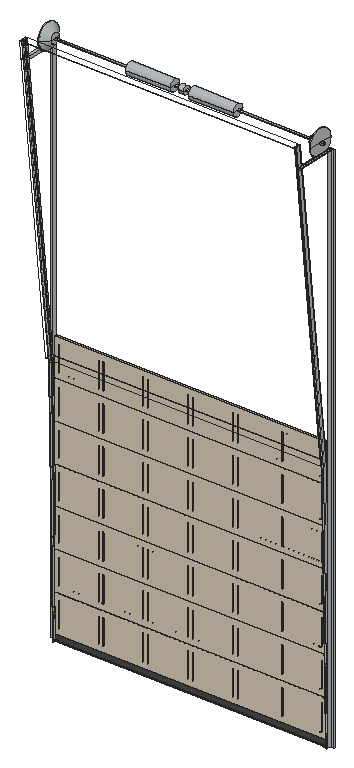
Revit family "Door_Sectional_Clopay_Insulated-VerticalTrack-RaisedPanel", category Doors, host Wall, Revit 2026 (continued)
Definition of nested family "Door Panel - Raised"
  Definition of nested family "RaisedPanel"
    Automatic sketch dimensions
      Sweep 4 sketch curve to Sweep 4 sketch curve = 0' - 0 1/4"
      Sweep 4 sketch curve to Sweep 4 sketch curve = 0' - 0.2032"
      Sweep 4 sketch curve to Sweep 4 sketch curve = 0' - 1.09359"
      Sweep 4 sketch curve to Sweep 4 sketch curve = 0' - 0.4532"
      Extrusion 3 sketch curve to plane 5 "Right" = 0' - 2"
      plane 4 "Left" to Extrusion 3 sketch curve = 0' - 2"
      plane 9 to Extrusion 3 sketch curve = 0' - 2"
      Extrusion 3 sketch curve to plane 6 "Top" = 0' - 2"
      Sweep 2 sketch curve to plane 12 = 0' - 0"
      Sweep 2 sketch curve to plane 13 = 0' - 0"
      Sweep 2 sketch curve to plane 15 = 0' - 0"
      Sweep 2 sketch curve to plane 14 = 0' - 0"
      Sweep 2 sketch curve to profile plane = 0' - 0 3/8"  (x2)
      profile plane to Sweep 2 sketch curve = 0' - 0 1/8"
      Sweep 2 sketch curve to profile plane = 0' - 0"
      Extrusion 1 sketch curve to plane 13 = 0' - 0 1/8"
      plane 12 to Extrusion 1 sketch curve = 0' - 0 1/8"
      plane 15 to Extrusion 1 sketch curve = 0' - 0 1/8"
      Extrusion 1 sketch curve to plane 14 = 0' - 0 1/8"
      Sweep 5 sketch curve to plane 4 "Left" = 0' - 0"
      Sweep 5 sketch curve to plane 5 "Right" = 0' - 0"
      Sweep 5 sketch curve to plane 9 = 0' - 0"
      Sweep 5 sketch curve to plane 6 "Top" = 0' - 0"
      Extrusion 6 sketch curve to plane 13 = 0' - 0"
      Extrusion 6 sketch curve to plane 12 = 0' - 0"
      Extrusion 6 sketch curve to plane 15 = 0' - 0"
      Extrusion 6 sketch curve to plane 14 = 0' - 0"
      Extrusion 6 sketch curve to plane 5 "Right" = 0' - 0.4532"
      plane 4 "Left" to Extrusion 6 sketch curve = 0' - 0.4532"
      plane 9 to Extrusion 6 sketch curve = 0' - 0.4532"
      Extrusion 6 sketch curve to plane 6 "Top" = 0' - 0.4532"
      Sweep 5 sketch curve to profile plane = 0' - 0"
      Sweep 5 sketch curve to Sweep 5 sketch curve = 0' - 0 1/4"
      Sweep 5 sketch curve to Sweep 5 sketch curve = 0' - 0.4532"
Definition of nested family "Opener"
  Parameters
    offset [instance] = 0' - 0"
    Warranty Duration (Years) = 0
    Unit Width = 2' - 0"
    Unit Height = 2' - 0"
    Unit Depth = 0' - 10"
    URL = "http://www.clopaydoor.com/"
    Specification = "http://www.arcat.com/sd/clients/clopay.html?coid=31487"
    SpecWizard = "http://www.arcat.com/specwizard/clients/clopay.html?coid=31487"
    Send Message = "http://www.arcat.com/users.pl?action=UserEmail&company=Clopay%20Building%20Products%20Company&coid=31487&rep=114&fax=513-770-3519&mf="
    Sales Information = "http://www.clopaydoor.com/contact-us.aspx"
    Revision = "R1_09-2011"
    Product Properties = ""
    Product Data = "http://www.arcat.com/arcatcos/cos31/arc31487.html?isac=1&r=1"
    Model = "As Specified"
    Material [instance] = none
    Manufacturer Website = "http://www.clopaydoor.com/"
    Manufacturer Phone - Toll Free = "800-526-4301 "
    Manufacturer Phone = "513-770-4800 "
    Manufacturer Fax = "513-770-3519"
    Manufacturer Address = "8585 Duke Blvd. Mason, OH 45040-3101"
    Manufacturer = "Clopay Building Products Company"
    Maintenance Schedule (Months) = 0
    Keynote = "08360"
    Installation-Fabrication = ""
    Installation Phase = ""
    Green Building-LEED = "http://www.arcat.com/green/clients/leed_data_31487.html"
    Expected Lifespan (Years) = 0
    Drawn By = "Sumex Design, Inc. / Robert S. Weygant, CSI, CDT, SCIP"
    Description = "Clopay Door as Specified"
    Default Elevation = 4' - 0"
    Copyright = "©Arcat Inc."
    Construction Details = "http://www.arcat.com/details/clopay/clopay.html?coid=31487"
    Assembly Code = "B2030410"
  Reference planes (in)
    plane 1 "Center (Front/Back)": y = 0
    plane 2 "Bottom": z = 0
    plane 3 "Center (Left/Right)": x = 0
    plane 4 "Front": y = -12
    plane 5 "Back": y = 12
    plane 6 "Left": x = -12
    plane 7 "Right": x = 12
    plane 8 "Top": z = 10
  Forms (in)
    Extrusion 1, solid, material <- "Material"
      sketch origin (0, 0, 0) x (1, 0, 0) y (0, 1, 0)
        loop
          line (-12, 12) -> (-12, -12) -> (12, -12) -> (12, 12) -> (-12, 12)
      from 0 to 10
  Dimensions and locks (in)
    equal spacing: plane 6 "Left", plane 3 "Center (Left/Right)", plane 7 "Right"
    "Unit Width": plane 6 "Left" to plane 7 "Right"
    equal spacing: plane 5 "Back", plane 1 "Center (Front/Back)", plane 4 "Front"
    "Unit Height": plane 5 "Back" to plane 4 "Front"
    "Unit Depth": plane 8 "Top" to level
    aligned and locked: plane 8 "Top" to Extrusion 1
  Automatic sketch dimensions
    Extrusion 1 sketch curve to plane 4 "Front" = 0' - 0"
    Extrusion 1 sketch curve to plane 6 "Left" = 0' - 0"
    Extrusion 1 sketch curve to plane 7 "Right" = 0' - 0"
    Extrusion 1 sketch curve to plane 5 "Back" = 0' - 0"
